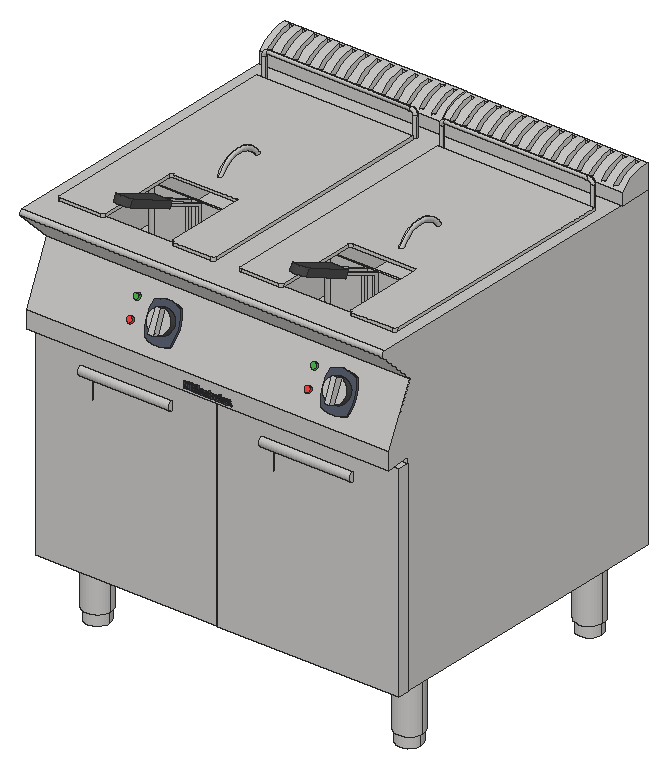
Revit family "QF_ELECTROLUXPROFESSIONAL_371141_E7FREH22FN", category Specialty Equipment, Revit 2018
Family settings
  Round Connector Dimension = Use Diameter
  Part Type = Normal
  Work Plane-Based = No
  Always vertical = Yes
  Cut with Voids When Loaded = No
  Shared = No
  Room Calculation Point = No
Parameters
  Width = 800 mm  # constant formula
  Weight in Pounds = 132  # constant formula
  Watts = 10800 VA  # 10800 W
  Volts = 230 V  # constant formula
  URL Cutsheet = "www.electrolux.com/foodservice"
  URL = "www.electrolux.com/foodservice"
  Type Mark [instance] = ""
  Status [instance] = ""
  Specification by User [instance] = ""
  Specification by Manufacturer = ""
  Show Logo [instance] = yes
  Show Clearance [instance] = yes
  Serial Number = ""
  Seismic Rating = ""
  SMACNA No = ""
  Revision Code [instance] = ""
  Phase = 3  # constant formula
  Omniclass Number and Title = ""
  Number of Poles [instance] = 1
  NAFEM Spec ID Number = ""
  Model = "371141"
  Min Ckt Ampacity = 0 A
  Max Overcurrent Protection = 0 A
  Masterspec = ""
  Manufacturer = "ELECTROLUX"
  Item Number [instance] = ""
  Installed By [instance] = ""
  Identify Quantity as Lot [instance] = yes
  Height = 333 mm  # constant formula
  HP = "14.5 HP"
  Furnished By [instance] = ""
  Foodservice Equipment Identifier [instance] = yes
  FL Amps = if(Phase = 3, Watts / (Volts * 1.73), Watts / Volts)  # 27.1425 A
  Electrical Remarks [instance] = "230 V/3 ph/50/60 Hz"  # constant formula
  Electric Connection Type [instance] = ""
  Elec Conn RI Height [instance] = 0 mm
  Elec Conn Connection Height [instance] = 0 mm
  Direct Waste Size = 0"
  Description = "700XP Two 7 Lt. Wells Freestanding Electric Fryer - 230V"
  Depth = 730 mm  # constant formula
  Cycle = if([60 Hertz Option], 60 Hz, 50 Hz)  # 60 Hz
  Conn Plug = ""
  Conn Conduit = yes
  CSI MasterFormat = ""
  CSI Master Format = ""
  Base Height [instance] = 150 mm  # constant formula
  Apparent Power = if(Phase = 3, Volts * FL Amps * 1.73, Volts * FL Amps)  # 10800 VA
  60 Hertz Option = not([50 Hertz Option])  # yes
  50 Hertz Option = no
Reference planes
  plane 1 "BACK": y = 0
  plane 2: z = 0
  plane 3 "LEFT": x = 0
  plane 4 "RIGHT": x = 800
  plane 5 "FRONT": y = -730
  plane 6 "TOP": z = 905.238
  plane 7 "Center Y": x = 400
  plane 8 "Center X": y = -365
  plane 9 "BASE": z = 601
  plane 10 "TOP A": z = 850.238
  plane 11: y = -597.884
  plane 12: y = -147.637
  plane 13: z = 942.313
  plane 14: z = 150
Forms (mm)
  Extrusion 1, solid, material "QF_Finishes_Stainless Steel"
    sketch origin (0, 0, 0) x (0, 1, 0) y (0, 0, 1)
      loop
        line (0, 850.237) -> (-725.027, 850.237)
        arc (-725.027, 850.237) -> (-730.893, 846.318) -> (-729.517, 839.397) r 6.35
        line (-729.517, 839.397) -> (-657.416, 767.047) -> (-713.522, 646.19) -> (-713.522, 608.09) -> (-660.4, 613.7) -> (-660.4, 150) -> (0, 150) -> (0, 850.237)
      loop
        line (-661.987, 601) -> (-687.387, 601) -> (-687.387, 150) -> (-661.987, 150) -> (-661.987, 601)
    from 0 to 800
  Extrusion 2, solid, material "QF_Finishes_Stainless Steel"
    sketch origin (0, 0, 0) x (0, 1, 0) y (0, 0, 1)
      loop
        line (0, 850.237) -> (0, 905.237)
        arc (0, 905.237) -> (-38.078, 897.879) -> (-69.85, 875.637) r 93.057
        line (-69.85, 875.637) -> (-69.85, 850.237) -> (0, 850.237)
    from 0 to 800
  Extrusion 3, void
    sketch origin (0, 0, 850.238) x (-1, 0, 0) y (0, -1, 0)
      loop
        line (-33.338, 147.762) -> (-33.338, 655.762) -> (-373.012, 655.762) -> (-373.012, 147.762) -> (-33.338, 147.762)
      loop
        line (-766.662, 655.762) -> (-766.662, 147.762) -> (-426.988, 147.762) -> (-426.988, 655.762) -> (-766.662, 655.762)
    from 0 to -152.4
  Extrusion 4, void
    sketch origin (0, 0, 850.238) x (-1, 0, 0) y (0, -1, 0)
      loop
        line (-13.453, 6.761) -> (-13.453, 63.911) -> (-22.749, 63.911) -> (-22.749, 6.761) -> (-13.453, 6.761)
    from 25.4 to 63.5
  Extrusion 5, solid, material "QF_Finishes_Navy Blue"
    sketch origin (75, -713.522, 646.19) x (0, 0.421077, 0.907025) y (-1, 0, 0)
      loop
        arc (101.077, -565.788) -> (66.2, -558.771) -> (31.333, -565.832) r 89.894
        arc (31.333, -565.832) -> (24.638, -594.363) -> (31.333, -622.893) r 64.14
        arc (31.333, -622.893) -> (66.2, -629.955) -> (101.077, -622.938) r 89.894
        arc (101.077, -622.938) -> (107.792, -594.363) -> (101.077, -565.788) r 64.16
      loop
        arc (101.077, -176.965) -> (66.2, -169.948) -> (31.333, -177.01) r 89.894
        arc (31.333, -177.01) -> (24.638, -205.54) -> (31.333, -234.071) r 64.14
        arc (31.333, -234.071) -> (66.2, -241.136) -> (101.077, -234.115) r 89.853
        arc (101.077, -234.115) -> (107.792, -205.54) -> (101.077, -176.965) r 64.16
    from 0 to 3.175
  Extrusion 6, solid, material "QF_Finishes_Stainless Steel"
    sketch origin (75, -716.402, 647.527) x (0, 0.421077, 0.907025) y (-1, 0, 0)
      loop
        circle (68.826, -594.351) r 25.4
      loop
        circle (68.826, -205.413) r 25.4
    from 0 to 12.7
  Extrusion 7, solid, material "QF_Finishes_Stainless Steel"
    sketch origin (75, -727.921, 652.875) x (0, 0.421077, 0.907025) y (-1, 0, 0)
      loop
        arc (93.558, -600.137) -> (94.226, -594.351) -> (93.558, -588.564) r 25.4
        line (93.558, -588.564) -> (44.094, -588.564)
        arc (44.094, -588.564) -> (43.426, -594.351) -> (44.094, -600.137) r 25.4
        line (44.094, -600.137) -> (93.558, -600.137)
      loop
        arc (93.558, -211.199) -> (94.226, -205.413) -> (93.558, -199.627) r 25.4
        line (93.558, -199.627) -> (44.094, -199.627)
        arc (44.094, -199.627) -> (43.426, -205.413) -> (44.094, -211.199) r 25.4
        line (44.094, -211.199) -> (93.558, -211.199)
    from 0 to 12.7
  Extrusion 8, solid, material "QF_Finishes_Green"
    sketch origin (75, -713.522, 646.19) x (0, 0.421077, 0.907025) y (-1, 0, 0)
      loop
        circle (93.566, -530.485) r 6.35
      loop
        circle (93.566, -138.473) r 6.35
    from 0 to 3.175
  Extrusion 9, solid, material "QF_Finishes_Red"
    sketch origin (75, -713.522, 646.19) x (0, 0.421077, 0.907025) y (-1, 0, 0)
      loop
        circle (50.809, -530.485) r 6.35
      loop
        circle (50.809, -138.473) r 6.35
    from 0 to 3.175
  Extrusion 10, solid, material "QF_Finishes_Clearance", visible <- "Show Clearance", detail levels coarse
    sketch origin (0, 0, 0) x (1, 0, 0) y (0, 1, 0)
      loop
        line (0, -731.377) -> (0, 0) -> (800, 0) -> (800, -731.377) -> (950.019, -731.377) -> (950.019, 150.019) -> (-150.019, 150.019) -> (-150.019, -731.377) -> (0, -731.377)
    from 0 to 905.237
  Extrusion 11, solid, material "QF_Finishes_Stainless Steel"
    sketch origin (-77.88, -4572, 850.238) x (-1, 0, 0) y (0, -1, 0)
      loop
        arc (-104.867, -3916.238) -> (-106.727, -3911.748) -> (-111.217, -3909.888) r 6.35
        line (-111.217, -3909.888) -> (-200.117, -3909.888)
        arc (-200.117, -3909.888) -> (-204.607, -3911.748) -> (-206.467, -3916.238) r 6.35
        line (-206.467, -3916.238) -> (-206.467, -4090.988)
        arc (-206.467, -4090.988) -> (-208.327, -4095.479) -> (-212.817, -4097.338) r 6.35
        line (-212.817, -4097.338) -> (-349.292, -4097.338)
        arc (-349.292, -4097.338) -> (-353.782, -4095.479) -> (-355.642, -4090.988) r 6.35
        line (-355.642, -4090.988) -> (-355.642, -3916.238)
        arc (-355.642, -3916.238) -> (-357.502, -3911.748) -> (-361.992, -3909.888) r 6.35
        line (-361.992, -3909.888) -> (-444.542, -3909.888)
        arc (-444.542, -3909.888) -> (-449.032, -3911.748) -> (-450.892, -3916.238) r 6.35
        line (-450.892, -3916.238) -> (-450.892, -4459.163) -> (-104.867, -4459.163) -> (-104.867, -3916.238)
      loop
        line (-850.892, -3916.238) -> (-850.892, -4459.163) -> (-504.867, -4459.163) -> (-504.867, -3916.238)
        arc (-504.867, -3916.238) -> (-506.727, -3911.748) -> (-511.217, -3909.888) r 6.35
        line (-511.217, -3909.888) -> (-593.767, -3909.888)
        arc (-593.767, -3909.888) -> (-598.257, -3911.748) -> (-600.117, -3916.238) r 6.35
        line (-600.117, -3916.238) -> (-600.117, -4090.988)
        arc (-600.117, -4090.988) -> (-601.977, -4095.479) -> (-606.467, -4097.338) r 6.35
        line (-606.467, -4097.338) -> (-742.942, -4097.338)
        arc (-742.942, -4097.338) -> (-747.432, -4095.479) -> (-749.292, -4090.988) r 6.35
        line (-749.292, -4090.988) -> (-749.292, -3916.238)
        arc (-749.292, -3916.238) -> (-751.152, -3911.748) -> (-755.642, -3909.888) r 6.35
        line (-755.642, -3909.888) -> (-844.542, -3909.888)
        arc (-844.542, -3909.888) -> (-849.032, -3911.748) -> (-850.892, -3916.238) r 6.35
    from 0 to 6.35
  Sweep 12, solid, material "QF_Finishes_Stainless Steel"
    path origin (0, 36.513, 0) x (1, 0, 0) y (0, 0, 1)
      loop
        line (39.688, 850.238) -> (39.688, 895.713)
        arc (39.688, 895.713) -> (41.547, 900.203) -> (46.038, 902.063) r 6.35
        line (46.038, 902.063) -> (362.669, 902.063)
        arc (362.669, 902.063) -> (367.16, 900.203) -> (369.019, 895.713) r 6.35
        line (369.019, 895.713) -> (369.019, 850.237)
    profile origin (39.688, 36.513, 872.975) x (-1, 0, 0) y (0, -1, 0)
      loop
        circle (2.09, 140.754) r 3.827
  Extrusion 13, solid, material "QF_Finishes_Black"
    sketch origin (271.462, -708.83, 942.26) x (0, 0.906308, -0.422618) y (-1, 0, 0)
      loop
        line (10.103, 47.37) -> (128.716, 47.37) -> (128.716, 84.605) -> (10.103, 84.605)
        arc (10.103, 84.605) -> (-0.124, 65.987) -> (10.103, 47.37) r 22.059
    from -15.884 to 0
  Extrusion 14, solid, material "QF_Finishes_Stainless Steel"
    sketch origin (271.463, 41.275, 0) x (0, 1, 0) y (0, 0, 1)
      loop
        line (-547.91, 741.238) -> (-547.91, 842.715) -> (-635.463, 883.542) -> (-638.147, 877.787) -> (-554.26, 838.67) -> (-554.26, 741.238) -> (-547.91, 741.238)
    from -80.476 to -74.619
  Extrusion 15, solid, material "QF_Finishes_Stainless Steel"
    sketch origin (139.588, 41.275, 0) x (0, 1, 0) y (0, 0, -1)
      loop
        line (-554.26, -838.67) -> (-638.147, -877.787) -> (-635.463, -883.542) -> (-547.91, -842.715) -> (-547.91, -741.238) -> (-554.26, -741.238) -> (-554.26, -838.67)
    from -80.476 to -74.619
  Sweep 16, solid, material "QF_Finishes_Stainless Steel"
    path origin (200.025, -0.124, 0) x (0, 1, 0) y (0, 0, 1)
      loop
        arc (-323.261, 850.238) -> (-377.7, 884.016) -> (-432.139, 850.238) r 60.757
    profile origin (200.025, -377.824, 884.016) x (0, 0, -1) y (1, 0, 0)
      loop
        circle (0, 0) r 4.353
  Sweep 17, solid, material "QF_Finishes_Stainless Steel"
    path origin (600.075, -0.124, 0) x (0, 1, 0) y (0, 0, -1)
      loop
        arc (-323.261, -850.238) -> (-377.7, -884.016) -> (-432.139, -850.238) r 60.757
    profile origin (600.075, -377.824, 884.016) x (0, 0, 1) y (-1, 0, 0)
      loop
        circle (0, 0) r 4.353
  Extrusion 18, solid, material "QF_Finishes_Black"
    sketch origin (528.637, -708.83, 942.26) x (0, 0.906308, -0.422618) y (-1, 0, 0)
      loop
        arc (10.103, -47.27) -> (-0.124, -65.887) -> (10.103, -84.505) r 22.059
        line (10.103, -84.505) -> (128.716, -84.505) -> (128.716, -47.27) -> (10.103, -47.27)
    from -15.884 to 0
  Extrusion 19, solid, material "QF_Finishes_Mesh"
    sketch origin (0, 0, 850.238) x (-1, 0, 0) y (0, -1, 0)
      loop
        arc (-116.625, 189.135) -> (-98.665, 196.575) -> (-91.225, 214.535) r 25.4
        line (-91.225, 214.535) -> (-91.225, 481.11)
        arc (-91.225, 481.11) -> (-98.665, 499.071) -> (-116.625, 506.51) r 25.4
        line (-116.625, 506.51) -> (-294.375, 506.51)
        arc (-294.375, 506.51) -> (-312.336, 499.071) -> (-319.775, 481.11) r 25.4
        line (-319.775, 481.11) -> (-319.775, 214.535)
        arc (-319.775, 214.535) -> (-312.336, 196.575) -> (-294.375, 189.135) r 25.4
        line (-294.375, 189.135) -> (-116.625, 189.135)
      loop
        arc (-116.625, 192.31) -> (-100.91, 198.82) -> (-94.4, 214.535) r 22.225
        line (-94.4, 214.535) -> (-94.4, 481.11)
        arc (-94.4, 481.11) -> (-100.91, 496.826) -> (-116.625, 503.335) r 22.225
        line (-116.625, 503.335) -> (-294.375, 503.335)
        arc (-294.375, 503.335) -> (-310.091, 496.826) -> (-316.6, 481.11) r 22.225
        line (-316.6, 481.11) -> (-316.6, 214.535)
        arc (-316.6, 214.535) -> (-310.091, 198.82) -> (-294.375, 192.31) r 22.225
        line (-294.375, 192.31) -> (-116.625, 192.31)
      loop
        line (-683.375, 189.135) -> (-505.625, 189.135)
        arc (-505.625, 189.135) -> (-487.664, 196.575) -> (-480.225, 214.535) r 25.4
        line (-480.225, 214.535) -> (-480.225, 481.11)
        arc (-480.225, 481.11) -> (-487.664, 499.071) -> (-505.625, 506.51) r 25.4
        line (-505.625, 506.51) -> (-683.375, 506.51)
        arc (-683.375, 506.51) -> (-701.335, 499.071) -> (-708.775, 481.11) r 25.4
        line (-708.775, 481.11) -> (-708.775, 214.535)
        arc (-708.775, 214.535) -> (-701.335, 196.575) -> (-683.375, 189.135) r 25.4
      loop
        line (-683.375, 192.31) -> (-505.625, 192.31)
        arc (-505.625, 192.31) -> (-489.909, 198.82) -> (-483.4, 214.535) r 22.225
        line (-483.4, 214.535) -> (-483.4, 481.11)
        arc (-483.4, 481.11) -> (-489.909, 496.826) -> (-505.625, 503.335) r 22.225
        line (-505.625, 503.335) -> (-683.375, 503.335)
        arc (-683.375, 503.335) -> (-699.09, 496.826) -> (-705.6, 481.11) r 22.225
        line (-705.6, 481.11) -> (-705.6, 214.535)
        arc (-705.6, 214.535) -> (-699.09, 198.82) -> (-683.375, 192.31) r 22.225
    from -109 to -5.315
  Extrusion 20, solid, material "QF_Finishes_Stainless Steel"
    sketch origin (528.637, 41.275, 0) x (0, 1, 0) y (0, 0, -1)
      loop
        line (-547.91, -741.238) -> (-554.26, -741.238) -> (-554.26, -838.67) -> (-638.147, -877.787) -> (-635.463, -883.542) -> (-547.91, -842.715) -> (-547.91, -741.238)
    from -80.476 to -74.619
  Extrusion 21, solid, material "QF_Finishes_Stainless Steel"
    sketch origin (660.512, 41.275, 0) x (0, 1, 0) y (0, 0, 1)
      loop
        line (-554.26, 838.67) -> (-554.26, 741.238) -> (-547.91, 741.238) -> (-547.91, 842.715) -> (-635.463, 883.542) -> (-638.147, 877.787) -> (-554.26, 838.67)
    from -80.476 to -74.619
  Sweep 22, solid, material "QF_Finishes_Stainless Steel"
    path origin (800.1, 36.513, 0) x (-1, 0, 0) y (0, 0, -1)
      loop
        line (39.788, -850.238) -> (39.788, -895.713)
        arc (39.788, -895.713) -> (41.647, -900.203) -> (46.138, -902.063) r 6.35
        line (46.138, -902.063) -> (362.769, -902.063)
        arc (362.769, -902.063) -> (367.26, -900.203) -> (369.119, -895.713) r 6.35
        line (369.119, -895.713) -> (369.119, -850.237)
    profile origin (760.312, 36.513, 872.975) x (-1, 0, 0) y (0, -1, 0)
      loop
        circle (-2.09, 140.754) r 3.827
  Extrusion 23, void
    sketch origin (361.95, 0, 850.237) x (-1, 0, 0) y (0, -1, 0)
      loop
        line (-13.403, 6.761) -> (-13.403, 63.911) -> (-22.699, 63.911) -> (-22.699, 6.761) -> (-13.403, 6.761)
    from 25.4 to 63.5
  Extrusion 24, void
    sketch origin (27.842, 0, 850.238) x (-1, 0, 0) y (0, -1, 0)
      loop
        line (-13.453, 6.761) -> (-13.453, 63.911) -> (-22.749, 63.911) -> (-22.749, 6.761) -> (-13.453, 6.761)
    from 25.4 to 63.5
  Extrusion 25, void
    sketch origin (55.685, 0, 850.238) x (-1, 0, 0) y (0, -1, 0)
      loop
        line (-13.453, 6.761) -> (-13.453, 63.911) -> (-22.749, 63.911) -> (-22.749, 6.761) -> (-13.453, 6.761)
    from 25.4 to 63.5
  Extrusion 26, void
    sketch origin (83.527, 0, 850.238) x (-1, 0, 0) y (0, -1, 0)
      loop
        line (-13.453, 6.761) -> (-13.453, 63.911) -> (-22.749, 63.911) -> (-22.749, 6.761) -> (-13.453, 6.761)
    from 25.4 to 63.5
  Extrusion 27, void
    sketch origin (111.369, 0, 850.237) x (-1, 0, 0) y (0, -1, 0)
      loop
        line (-13.453, 6.761) -> (-13.453, 63.911) -> (-22.749, 63.911) -> (-22.749, 6.761) -> (-13.453, 6.761)
    from 25.4 to 63.5
  Extrusion 28, void
    sketch origin (139.212, 0, 850.237) x (-1, 0, 0) y (0, -1, 0)
      loop
        line (-13.453, 6.761) -> (-13.453, 63.911) -> (-22.749, 63.911) -> (-22.749, 6.761) -> (-13.453, 6.761)
    from 25.4 to 63.5
  Extrusion 29, void
    sketch origin (167.054, 0, 850.237) x (-1, 0, 0) y (0, -1, 0)
      loop
        line (-13.453, 6.761) -> (-13.453, 63.911) -> (-22.749, 63.911) -> (-22.749, 6.761) -> (-13.453, 6.761)
    from 25.4 to 63.5
  Extrusion 30, void
    sketch origin (194.896, 0, 850.237) x (-1, 0, 0) y (0, -1, 0)
      loop
        line (-13.403, 6.761) -> (-13.403, 63.911) -> (-22.699, 63.911) -> (-22.699, 6.761) -> (-13.403, 6.761)
    from 25.4 to 63.5
  Extrusion 31, void
    sketch origin (222.738, 0, 850.237) x (-1, 0, 0) y (0, -1, 0)
      loop
        line (-13.403, 6.761) -> (-13.403, 63.911) -> (-22.699, 63.911) -> (-22.699, 6.761) -> (-13.403, 6.761)
    from 25.4 to 63.5
  Extrusion 32, void
    sketch origin (250.581, 0, 850.237) x (-1, 0, 0) y (0, -1, 0)
      loop
        line (-13.403, 6.761) -> (-13.403, 63.911) -> (-22.699, 63.911) -> (-22.699, 6.761) -> (-13.403, 6.761)
    from 25.4 to 63.5
  Extrusion 33, void
    sketch origin (278.423, 0, 850.237) x (-1, 0, 0) y (0, -1, 0)
      loop
        line (-13.403, 6.761) -> (-13.403, 63.911) -> (-22.699, 63.911) -> (-22.699, 6.761) -> (-13.403, 6.761)
    from 25.4 to 63.5
  Extrusion 34, void
    sketch origin (306.265, 0, 850.237) x (-1, 0, 0) y (0, -1, 0)
      loop
        line (-13.403, 6.761) -> (-13.403, 63.911) -> (-22.699, 63.911) -> (-22.699, 6.761) -> (-13.403, 6.761)
    from 25.4 to 63.5
  Extrusion 35, void
    sketch origin (334.108, 0, 850.237) x (-1, 0, 0) y (0, -1, 0)
      loop
        line (-13.403, 6.761) -> (-13.403, 63.911) -> (-22.699, 63.911) -> (-22.699, 6.761) -> (-13.403, 6.761)
    from 25.4 to 63.5
  Extrusion 36, void
    sketch origin (800.1, 0, 850.237) x (1, 0, 0) y (0, 1, 0)
      loop
        line (-13.553, -6.761) -> (-22.849, -6.761) -> (-22.849, -63.911) -> (-13.553, -63.911) -> (-13.553, -6.761)
    from 25.4 to 63.5
  Extrusion 37, void
    sketch origin (438.15, 0, 850.237) x (1, 0, 0) y (0, 1, 0)
      loop
        line (-13.503, -6.761) -> (-22.799, -6.761) -> (-22.799, -63.911) -> (-13.503, -63.911) -> (-13.503, -6.761)
    from 25.4 to 63.5
  Extrusion 38, void
    sketch origin (772.258, 0, 850.237) x (1, 0, 0) y (0, 1, 0)
      loop
        line (-13.553, -6.761) -> (-22.849, -6.761) -> (-22.849, -63.911) -> (-13.553, -63.911) -> (-13.553, -6.761)
    from 25.4 to 63.5
  Extrusion 39, void
    sketch origin (744.415, 0, 850.237) x (1, 0, 0) y (0, 1, 0)
      loop
        line (-13.553, -6.761) -> (-22.849, -6.761) -> (-22.849, -63.911) -> (-13.553, -63.911) -> (-13.553, -6.761)
    from 25.4 to 63.5
  Extrusion 40, void
    sketch origin (716.573, 0, 850.237) x (1, 0, 0) y (0, 1, 0)
      loop
        line (-13.553, -6.761) -> (-22.849, -6.761) -> (-22.849, -63.911) -> (-13.553, -63.911) -> (-13.553, -6.761)
    from 25.4 to 63.5
  Extrusion 41, void
    sketch origin (688.731, 0, 850.237) x (1, 0, 0) y (0, 1, 0)
      loop
        line (-13.553, -6.761) -> (-22.849, -6.761) -> (-22.849, -63.911) -> (-13.553, -63.911) -> (-13.553, -6.761)
    from 25.4 to 63.5
  Extrusion 42, void
    sketch origin (660.888, 0, 850.237) x (1, 0, 0) y (0, 1, 0)
      loop
        line (-13.553, -6.761) -> (-22.849, -6.761) -> (-22.849, -63.911) -> (-13.553, -63.911) -> (-13.553, -6.761)
    from 25.4 to 63.5
  Extrusion 43, void
    sketch origin (633.046, 0, 850.237) x (1, 0, 0) y (0, 1, 0)
      loop
        line (-13.553, -6.761) -> (-22.849, -6.761) -> (-22.849, -63.911) -> (-13.553, -63.911) -> (-13.553, -6.761)
    from 25.4 to 63.5
  Extrusion 44, void
    sketch origin (605.204, 0, 850.237) x (1, 0, 0) y (0, 1, 0)
      loop
        line (-13.503, -6.761) -> (-22.799, -6.761) -> (-22.799, -63.911) -> (-13.503, -63.911) -> (-13.503, -6.761)
    from 25.4 to 63.5
  Extrusion 45, void
    sketch origin (577.362, 0, 850.237) x (1, 0, 0) y (0, 1, 0)
      loop
        line (-13.503, -6.761) -> (-22.799, -6.761) -> (-22.799, -63.911) -> (-13.503, -63.911) -> (-13.503, -6.761)
    from 25.4 to 63.5
  Extrusion 46, void
    sketch origin (549.519, 0, 850.237) x (1, 0, 0) y (0, 1, 0)
      loop
        line (-13.503, -6.761) -> (-22.799, -6.761) -> (-22.799, -63.911) -> (-13.503, -63.911) -> (-13.503, -6.761)
    from 25.4 to 63.5
  Extrusion 47, void
    sketch origin (521.677, 0, 850.237) x (1, 0, 0) y (0, 1, 0)
      loop
        line (-13.503, -6.761) -> (-22.799, -6.761) -> (-22.799, -63.911) -> (-13.503, -63.911) -> (-13.503, -6.761)
    from 25.4 to 63.5
  Extrusion 48, void
    sketch origin (493.835, 0, 850.237) x (1, 0, 0) y (0, 1, 0)
      loop
        line (-13.503, -6.761) -> (-22.799, -6.761) -> (-22.799, -63.911) -> (-13.503, -63.911) -> (-13.503, -6.761)
    from 25.4 to 63.5
  Extrusion 49, void
    sketch origin (465.992, 0, 850.237) x (1, 0, 0) y (0, 1, 0)
      loop
        line (-13.503, -6.761) -> (-22.799, -6.761) -> (-22.799, -63.911) -> (-13.503, -63.911) -> (-13.503, -6.761)
    from 25.4 to 63.5
  Extrusion 50, void
    sketch origin (418.151, 0, 850.237) x (1, 0, 0) y (0, 1, 0)
      loop
        line (-16.563, 0) -> (-19.738, 0) -> (-19.738, -69.85) -> (-16.563, -69.85) -> (-16.563, 0)
    from 25.4 to 63.5
  Extrusion 51, void
    sketch origin (0, -660.4, 601) x (0, 0, 1) y (-1, 0, 0)
      loop
        line (0, -398.363) -> (-451, -398.363) -> (-451, -401.538) -> (0, -401.538) -> (0, -398.363)
    from 0 to 27
  Extrusion 52, void
    sketch origin (200.025, 0, 0) x (0, 1, 0) y (0, 0, 1)
      loop
        line (-687.137, 541) -> (-687.137, 499.788) -> (-672.137, 541) -> (-687.137, 541)
    from -75 to 75
  Extrusion 53, solid, material "QF_Finishes_Stainless Steel"
    sketch origin (200.025, 0, 0) x (0, 1, 0) y (0, 0, 1)
      loop
        line (-687.137, 541) -> (-687.137, 561)
        arc (-687.137, 561) -> (-697.137, 551) -> (-687.137, 541) r 10
    from -100 to 100
  Extrusion 54, void
    sketch origin (600.075, 0, 0) x (0, 1, 0) y (0, 0, -1)
      loop
        line (-687.137, -541) -> (-672.137, -541) -> (-687.137, -499.788) -> (-687.137, -541)
    from -75 to 75
  Extrusion 55, solid, material "QF_Finishes_Stainless Steel"
    sketch origin (600.075, 0, 0) x (0, 1, 0) y (0, 0, -1)
      loop
        arc (-687.137, -541) -> (-697.137, -551) -> (-687.137, -561) r 10
        line (-687.137, -561) -> (-687.137, -541)
    from -100 to 100
  Revolve 56, solid, material "QF_Finishes_Stainless Steel"
    sketch origin (0, -587.387, 608.09) x (0, 0, 1) y (-1, 0, 0)
      loop
        line (-608.09, -56) -> (-458.09, -56) -> (-458.09, -26) -> (-583.09, -26) -> (-583.09, -29.75) -> (-608.09, -29.75) -> (-608.09, -56)
      axis (-608.09, -56) -> (-458.09, -56)
    angle from 0 to 360
  Revolve 57, solid, material "QF_Finishes_Stainless Steel"
    sketch origin (0, -90, 608.09) x (0, 0, 1) y (-1, 0, 0)
      loop
        line (-608.09, -56) -> (-458.09, -56) -> (-458.09, -26) -> (-583.09, -26) -> (-583.09, -29.75) -> (-608.09, -29.75) -> (-608.09, -56)
      axis (-608.09, -56) -> (-458.09, -56)
    angle from 0 to 360
  Revolve 58, solid, material "QF_Finishes_Stainless Steel"
    sketch origin (800.1, -587.387, 608.09) x (0, 0, 1) y (-1, 0, 0)
      loop
        line (-608.09, 56.1) -> (-608.09, 29.85) -> (-583.09, 29.85) -> (-583.09, 26.1) -> (-458.09, 26.1) -> (-458.09, 56.1) -> (-608.09, 56.1)
      axis (-608.09, 56.1) -> (-458.09, 56.1)
    angle from 0 to 360
  Revolve 59, solid, material "QF_Finishes_Stainless Steel"
    sketch origin (800.1, -90, 608.09) x (0, 0, 1) y (-1, 0, 0)
      loop
        line (-608.09, 56.1) -> (-608.09, 29.85) -> (-583.09, 29.85) -> (-583.09, 26.1) -> (-458.09, 26.1) -> (-458.09, 56.1) -> (-608.09, 56.1)
      axis (-608.09, 56.1) -> (-458.09, 56.1)
    angle from 0 to 360
  Extrusion 60, solid, material "QF_Finishes_Door Clearance", visible <- "Show Clearance", detail levels coarse
    sketch origin (0, 0, 850.238) x (-1, 0, 0) y (0, -1, 0)
      loop
        arc (-401.587, 687.137) -> (-518.28, 968.858) -> (-800, 1085.55) r 398.413
        line (-800, 1085.55) -> (-800, 687.137) -> (-401.587, 687.137)
      loop
        line (-398.412, 687.138) -> (0, 687.137) -> (0, 1085.55)
        arc (0, 1085.55) -> (-281.72, 968.858) -> (-398.412, 687.138) r 398.412
    from -700.237 to -249.237
  Extrusion 61, solid, material "QF_Finishes_Stainless Steel"
    sketch origin (-77.88, -4572, 601) x (-1, 0, 0) y (0, -1, 0)
      loop
        circle (-821.88, -4067) r 12.7
    from 0 to -12.7
  Extrusion 62, solid, material "QF_Finishes_Navy Blue", visible <- "Show Logo"
    sketch origin (60.791, -713.772, 608.09) x (0, 0, 1) y (-1, 0, 0)
      loop
        line (20.674, -296.698) -> (8.307, -296.698)
        arc (8.307, -296.698) -> (14.491, -301.27) -> (20.674, -296.698) r 6.467
      loop
        arc (20.674, -296.069) -> (19.505, -290.926) -> (14.849, -288.448) r 6.338
        line (14.849, -288.448) -> (14.849, -290.494)
        arc (14.849, -290.494) -> (16.333, -294.149) -> (19.778, -296.069) r 5.941
        line (19.778, -296.069) -> (20.674, -296.069)
      loop
        arc (9.203, -296.069) -> (12.648, -294.149) -> (14.132, -290.494) r 5.941
        line (14.132, -290.494) -> (14.132, -288.448)
        arc (14.132, -288.448) -> (9.438, -290.922) -> (8.148, -296.069) r 6.504
        line (8.148, -296.069) -> (9.203, -296.069)
      loop
        line (21.349, -287.979) -> (7.604, -287.979) -> (7.604, -301.742) -> (21.349, -301.742) -> (21.349, -287.979)
      loop
        arc (21.432, -304.71) -> (21.085, -304.352) -> (20.718, -304.69) r 0.358
        arc (20.718, -304.69) -> (20.404, -305.44) -> (19.687, -305.825) r 1.216
        line (19.687, -305.825) -> (9.274, -305.825)
        arc (9.274, -305.825) -> (8.614, -305.548) -> (8.218, -304.951) r 1.238
        arc (8.218, -304.951) -> (7.823, -304.7) -> (7.518, -305.054) r 0.358
        line (7.518, -305.054) -> (7.518, -314.933) -> (10.269, -314.933) -> (10.269, -314.036)
        arc (10.269, -314.036) -> (9.36, -313.456) -> (8.904, -312.479) r 1.928
        line (8.904, -312.479) -> (8.904, -309.98)
        arc (8.904, -309.98) -> (9.18, -309.251) -> (9.868, -308.887) r 1.101
        line (9.868, -308.887) -> (13.955, -308.887) -> (13.955, -312.561)
        arc (13.955, -312.561) -> (13.602, -313.058) -> (13.037, -313.286) r 1.083
        arc (13.037, -313.286) -> (12.773, -313.591) -> (13.065, -313.869) r 0.292
        line (13.065, -313.869) -> (16.028, -313.869)
        arc (16.028, -313.869) -> (16.33, -313.596) -> (16.092, -313.266) r 0.305
        arc (16.092, -313.266) -> (15.601, -313.018) -> (15.296, -312.561) r 1.083
        line (15.296, -312.561) -> (15.296, -308.887) -> (19.973, -308.887) -> (19.973, -312.635)
        arc (19.973, -312.635) -> (19.759, -313.39) -> (19.153, -313.888) r 1.314
        arc (19.153, -313.888) -> (18.934, -314.292) -> (19.288, -314.585) r 0.361
        line (19.288, -314.585) -> (21.432, -314.585) -> (21.432, -304.71)
      loop
        arc (20.715, -315.365) -> (20.335, -316.284) -> (19.416, -316.664) r 1.299
        line (19.416, -316.664) -> (9.837, -316.664)
        arc (9.837, -316.664) -> (8.999, -316.286) -> (8.728, -315.408) r 1.118
        line (8.728, -315.408) -> (7.518, -315.408) -> (7.518, -320.758) -> (8.706, -320.758)
        arc (8.706, -320.758) -> (8.978, -319.841) -> (9.848, -319.445) r 1.153
        line (9.848, -319.445) -> (21.92, -319.445) -> (20.715, -315.365)
      loop
        line (12.483, -323.394) -> (12.483, -329.842) -> (13.282, -329.842)
        arc (13.282, -329.842) -> (15.862, -328.857) -> (17.131, -326.404) r 3.874
        line (17.131, -326.404) -> (17.131, -324.643)
        arc (17.131, -324.643) -> (15.944, -321.778) -> (13.08, -320.592) r 4.051
        line (13.08, -320.592) -> (11.072, -320.592)
        arc (11.072, -320.592) -> (8.253, -322.077) -> (7.202, -325.084) r 4.352
        arc (7.202, -325.084) -> (7.566, -327.547) -> (8.943, -329.621) r 5.713
        line (8.943, -329.621) -> (9.892, -329.621)
        arc (9.892, -329.621) -> (9.16, -328.052) -> (8.943, -326.334) r 5.579
        arc (8.943, -326.334) -> (9.737, -324.371) -> (11.616, -323.394) r 3.057
        line (11.616, -323.394) -> (12.483, -323.394)
      loop
        line (13.742, -323.394) -> (13.742, -326.977)
        arc (13.742, -326.977) -> (15.199, -327.024) -> (16.082, -325.864) r 1.59
        line (16.082, -325.864) -> (16.082, -325.034)
        arc (16.082, -325.034) -> (15.217, -323.779) -> (13.742, -323.394) r 2.184
      loop
        arc (16.533, -339.259) -> (17.022, -337.585) -> (17.179, -335.848) r 9.023
        line (17.179, -335.848) -> (17.179, -334.486)
        arc (17.179, -334.486) -> (16.02, -331.686) -> (13.22, -330.527) r 3.959
        line (13.22, -330.527) -> (10.62, -330.527)
        arc (10.62, -330.527) -> (8.338, -331.819) -> (7.221, -334.192) r 4.331
        line (7.221, -334.192) -> (7.221, -336.327)
        arc (7.221, -336.327) -> (7.729, -337.877) -> (8.651, -339.223) r 5.772
        arc (8.651, -339.223) -> (9.412, -339.274) -> (9.499, -338.515) r 0.553
        arc (9.499, -338.515) -> (9.111, -337.781) -> (8.977, -336.962) r 2.573
        line (8.977, -336.962) -> (8.977, -335.447)
        arc (8.977, -335.447) -> (9.983, -333.806) -> (11.798, -333.163) r 2.884
        line (11.798, -333.163) -> (13.077, -333.163)
        arc (13.077, -333.163) -> (14.898, -333.723) -> (15.824, -335.388) r 2.554
        line (15.824, -335.388) -> (15.824, -336.441)
        arc (15.824, -336.441) -> (15.493, -337.369) -> (14.836, -338.104) r 2.564
        arc (14.836, -338.104) -> (14.614, -338.821) -> (15.223, -339.259) r 0.643
        line (15.223, -339.259) -> (16.533, -339.259)
      loop
        line (15.515, -339.53) -> (15.515, -341.031) -> (9.467, -341.031)
        arc (9.467, -341.031) -> (7.879, -341.688) -> (7.221, -343.276) r 2.246
        line (7.221, -343.276) -> (7.221, -344.86)
        arc (7.221, -344.86) -> (7.535, -345.725) -> (8.035, -346.496) r 4.06
        arc (8.035, -346.496) -> (8.768, -346.629) -> (9.019, -345.928) r 0.576
        arc (9.019, -345.928) -> (8.913, -345.403) -> (8.977, -344.87) r 1.69
        arc (8.977, -344.87) -> (9.519, -344.082) -> (10.425, -343.779) r 1.506
        line (10.425, -343.779) -> (15.563, -343.779) -> (15.563, -346.176) -> (16.119, -346.733) -> (16.941, -346.733) -> (16.941, -343.873) -> (20.172, -343.873) -> (15.515, -339.53)
      loop
        line (7.438, -347.63) -> (7.438, -353.017) -> (8.548, -353.017)
        arc (8.548, -353.017) -> (8.942, -352.066) -> (9.893, -351.672) r 1.345
        line (9.893, -351.672) -> (13.509, -351.672)
        arc (13.509, -351.672) -> (14.274, -352.264) -> (14.564, -353.186) r 1.615
        line (14.564, -353.186) -> (14.564, -354.742) -> (17.119, -355.427) -> (17.119, -354.044) -> (15.177, -351.485) -> (17.057, -351.485) -> (16.773, -348.779)
        arc (16.773, -348.779) -> (16.333, -348.249) -> (15.674, -348.45) r 0.621
        arc (15.674, -348.45) -> (15.274, -348.792) -> (14.78, -348.975) r 1.501
        line (14.78, -348.975) -> (9.893, -348.975)
        arc (9.893, -348.975) -> (8.942, -348.581) -> (8.548, -347.63) r 1.345
        line (8.548, -347.63) -> (7.438, -347.63)
      loop
        line (13.54, -354.964) -> (10.848, -354.964)
        arc (10.848, -354.964) -> (8.403, -356.272) -> (7.269, -358.803) r 4.288
        arc (7.269, -358.803) -> (7.205, -360.183) -> (7.269, -361.563) r 15.022
        arc (7.269, -361.563) -> (8.403, -364.094) -> (10.848, -365.401) r 4.288
        line (10.848, -365.401) -> (13.54, -365.401)
        arc (13.54, -365.401) -> (15.986, -364.094) -> (17.119, -361.563) r 4.288
        arc (17.119, -361.563) -> (17.183, -360.183) -> (17.119, -358.803) r 15.022
        arc (17.119, -358.803) -> (15.986, -356.272) -> (13.54, -354.964) r 4.288
      loop
        line (13.745, -358.078) -> (10.643, -358.078)
        arc (10.643, -358.078) -> (8.486, -360.235) -> (10.643, -362.392) r 2.157
        line (10.643, -362.392) -> (13.745, -362.392)
        arc (13.745, -362.392) -> (15.902, -360.235) -> (13.745, -358.078) r 2.157
      loop
        arc (20.726, -365.26) -> (20.355, -366.154) -> (19.461, -366.524) r 1.264
        line (19.461, -366.524) -> (9.597, -366.524)
        arc (9.597, -366.524) -> (8.727, -366.127) -> (8.455, -365.211) r 1.153
        line (8.455, -365.211) -> (7.518, -365.211) -> (7.518, -370.319) -> (8.446, -370.319)
        arc (8.446, -370.319) -> (8.805, -369.547) -> (9.597, -369.232) r 1.153
        line (9.597, -369.232) -> (21.92, -369.232) -> (20.726, -365.26)
      loop
        arc (15.846, -369.857) -> (15.647, -370.921) -> (14.678, -371.403) r 1.215
        line (14.678, -371.403) -> (9.658, -371.403)
        arc (9.658, -371.403) -> (8.043, -372.051) -> (7.322, -373.634) r 2.338
        line (7.322, -373.634) -> (7.322, -375.148)
        arc (7.322, -375.148) -> (7.497, -376.152) -> (7.999, -377.038) r 2.979
        line (7.999, -377.038) -> (7.518, -378.835) -> (7.518, -380.524) -> (16.943, -380.524) -> (16.649, -376.32) -> (15.863, -376.32)
        arc (15.863, -376.32) -> (15.507, -377.156) -> (14.755, -377.665) r 1.605
        line (14.755, -377.665) -> (9.652, -377.665)
        arc (9.652, -377.665) -> (9.232, -376.728) -> (9.159, -375.704) r 2.94
        arc (9.159, -375.704) -> (9.72, -374.603) -> (10.873, -374.16) r 1.724
        line (10.873, -374.16) -> (17.07, -374.16) -> (15.846, -369.857)
      loop
        line (16.874, -381.377) -> (15.202, -383.423) -> (12.028, -385.729) -> (8.572, -382.617)
        arc (8.572, -382.617) -> (8.335, -382.223) -> (8.357, -381.764) r 0.789
        line (8.357, -381.764) -> (7.518, -381.764) -> (7.518, -385.309) -> (8.344, -385.309)
        arc (8.344, -385.309) -> (8.686, -384.947) -> (9.176, -385.039) r 0.52
        line (9.176, -385.039) -> (10.976, -386.51) -> (8.858, -387.886)
        arc (8.858, -387.886) -> (8.457, -387.576) -> (8.37, -387.076) r 0.7
        line (8.37, -387.076) -> (7.518, -387.076) -> (7.518, -393.003) -> (8.405, -393.003)
        arc (8.405, -393.003) -> (8.472, -392.344) -> (8.866, -391.813) r 1.247
        line (8.866, -391.813) -> (13.066, -388.532) -> (15.513, -390.585) -> (16.874, -392.327) -> (16.874, -388.604) -> (15.389, -389.026) -> (13.868, -387.749) -> (15.568, -386.559) -> (16.874, -387.336) -> (16.874, -381.377)
    from 0 to 1.644
Cuts and joins
  Extrusion 3, Extrusion 4, Extrusion 51, Extrusion 52, Extrusion 54 cuts Extrusion 1
  Extrusion 4, Extrusion 23, Extrusion 24, Extrusion 25, Extrusion 26, Extrusion 27, Extrusion 28, Extrusion 29, Extrusion 30, Extrusion 31, Extrusion 32, Extrusion 33, Extrusion 34, Extrusion 35, Extrusion 36, Extrusion 37, Extrusion 38, Extrusion 39, Extrusion 40, Extrusion 41, Extrusion 42, Extrusion 43, Extrusion 44, Extrusion 45, Extrusion 46, Extrusion 47, Extrusion 48, Extrusion 49, Extrusion 50 cuts Extrusion 2
  joined: Extrusion 6, Extrusion 7
  joined: Extrusion 11, Sweep 16, Sweep 17
  Extrusion 23, Extrusion 24, Extrusion 25, Extrusion 26, Extrusion 27, Extrusion 28, Extrusion 29, Extrusion 30, Extrusion 31, Extrusion 32, Extrusion 33, Extrusion 34, Extrusion 35, Extrusion 36, Extrusion 37, Extrusion 38, Extrusion 39, Extrusion 40, Extrusion 41, Extrusion 42, Extrusion 43, Extrusion 44, Extrusion 45, Extrusion 46, Extrusion 47, Extrusion 48, Extrusion 49, Extrusion 50, Extrusion 52, Extrusion 54 cuts Extrusion 10
  Extrusion 52, Extrusion 54 cuts Extrusion 53
  Extrusion 54 cuts Extrusion 55
Lines and regions (mm)
  symbolic lines, style "QF-Clearances", visible <- "Show Clearance", detail levels coarse
    curve 1: line (-150.019, 150.019, 850.238) -> (-150.019, -731.377, 850.238)
    curve 2: line (950.019, 150.019, 850.237) -> (-150.019, 150.019, 850.238)
    curve 3: line (950.019, -731.377, 850.237) -> (950.019, 150.019, 850.237)
  symbolic lines
    curve 4: line (0, 0, 850.238) -> (800, 0, 850.237)
    curve 5: line (0, -730, 850.238) -> (0, 0, 850.238)
    curve 6: line (800, -730, 850.237) -> (0, -730, 850.238)
    curve 7: line (800, 0, 850.237) -> (800, -730, 850.237)
    curve 8: line (22.699, -6.761, 850.238) -> (22.699, -63.911, 850.238)
    curve 9: line (13.403, -63.911, 850.238) -> (13.403, -6.761, 850.238)
    curve 10: line (13.403, -6.761, 850.238) -> (22.699, -6.761, 850.238)
    curve 11: line (26.988, -112.837, 850.238) -> (26.988, -655.762, 850.238)
    curve 12: arc (26.988, -655.762, 850.238) -> (28.847, -660.252, 850.238) -> (33.338, -662.112, 850.238) r 6.35
    curve 13: line (33.338, -662.112, 850.238) -> (122.188, -662.112, 850.237)
    curve 14: arc (122.188, -662.112, 850.237) -> (126.678, -660.252, 850.237) -> (128.538, -655.762, 850.237) r 6.35
    curve 15: line (128.538, -655.762, 850.237) -> (128.538, -481.012, 850.237)
    curve 16: arc (128.537, -481.012, 850.237) -> (130.397, -476.521, 850.237) -> (134.887, -474.662, 850.237) r 6.35
    curve 17: line (134.887, -474.662, 850.237) -> (271.412, -474.662, 850.237)
    curve 18: arc (271.412, -474.662, 850.237) -> (275.903, -476.521, 850.237) -> (277.762, -481.012, 850.237) r 6.35
    curve 19: line (277.762, -481.012, 850.237) -> (277.762, -655.762, 850.237)
    curve 20: arc (277.762, -655.762, 850.237) -> (279.622, -660.252, 850.237) -> (284.112, -662.112, 850.237) r 6.35
    curve 21: line (284.112, -662.112, 850.237) -> (366.662, -662.112, 850.237)
    curve 22: arc (366.662, -662.112, 850.237) -> (371.153, -660.252, 850.237) -> (373.012, -655.762, 850.237) r 6.35
    curve 23: line (373.012, -655.762, 850.237) -> (373.012, -112.837, 850.237)
    curve 24: line (373.012, -112.837, 850.237) -> (26.988, -112.837, 850.238)
    curve 25: line (0, -69.85, 850.238) -> (398.413, -69.85, 850.237)
    curve 26: line (224.093, -706.386, 850.237) -> (224.093, -592.174, 850.237)
    curve 27: line (224.093, -592.174, 850.237) -> (186.858, -592.174, 850.237)
    curve 28: line (186.858, -592.174, 850.237) -> (186.858, -706.386, 850.237)
    curve 29: spline (224.093, -706.386, 850.237) -> (221.86, -709.048, 850.237) -> (219.17, -711.336, 850.237) -> (216.096, -713.185, 850.237) -> (212.725, -714.544, 850.237) -> (209.152, -715.375, 850.237) -> (205.475, -715.655, 850.237) -> (201.799, -715.375, 850.237) -> (198.225, -714.544, 850.237) -> (194.855, -713.185, 850.237) -> (191.781, -711.336, 850.237) -> (189.09, -709.048, 850.237) -> (186.858, -706.386, 850.237)
    curve 30: line (128.538, -655.762, 850.237) -> (186.858, -655.762, 850.237)
    curve 31: line (224.093, -655.762, 850.237) -> (277.762, -655.762, 850.237)
    curve 32: line (196.794, -506.51, 850.237) -> (196.794, -592.174, 850.237)
    curve 33: line (190.937, -592.174, 850.237) -> (190.937, -506.51, 850.237)
    curve 34: line (220.014, -506.51, 850.237) -> (220.014, -592.174, 850.237)
    curve 35: line (214.157, -592.174, 850.237) -> (214.157, -506.51, 850.237)
    curve 36: spline (186.858, -699.673, 850.237) -> (189.09, -702.336, 850.237) -> (191.781, -704.623, 850.237) -> (194.855, -706.473, 850.237) -> (198.225, -707.832, 850.237) -> (201.799, -708.663, 850.237) -> (205.475, -708.942, 850.237) -> (209.152, -708.663, 850.237) -> (212.725, -707.832, 850.237) -> (216.096, -706.473, 850.237) -> (219.17, -704.623, 850.237) -> (221.86, -702.336, 850.237) -> (224.093, -699.673, 850.237)
    curve 37: line (195.52, -428.432, 850.237) -> (195.52, -326.969, 850.237)
    curve 38: line (204.418, -326.969, 850.237) -> (204.418, -428.432, 850.237)
    curve 39: arc (195.52, -428.432, 850.237) -> (199.969, -432.882, 850.237) -> (204.418, -428.432, 850.237) r 4.449
    curve 40: arc (195.52, -326.969, 850.237) -> (199.969, -322.52, 850.237) -> (204.418, -326.969, 850.237) r 4.449
    curve 41: line (128.538, -503.335, 850.237) -> (277.762, -503.335, 850.237)
    curve 42: line (128.538, -506.51, 850.237) -> (277.762, -506.51, 850.237)
    curve 43: line (773.013, -112.837, 850.237) -> (773.013, -655.762, 850.237)
    curve 44: arc (773.013, -655.762, 850.237) -> (771.153, -660.252, 850.237) -> (766.663, -662.112, 850.237) r 6.35
    curve 45: line (766.663, -662.112, 850.237) -> (677.763, -662.112, 850.237)
    curve 46: arc (677.763, -662.112, 850.237) -> (673.272, -660.252, 850.237) -> (671.413, -655.762, 850.237) r 6.35
    curve 47: line (671.413, -655.762, 850.237) -> (671.413, -481.012, 850.237)
    curve 48: arc (671.413, -481.012, 850.237) -> (669.553, -476.521, 850.237) -> (665.063, -474.662, 850.237) r 6.35
    curve 49: line (665.063, -474.662, 850.237) -> (528.538, -474.662, 850.237)
    curve 50: arc (528.538, -474.662, 850.237) -> (524.047, -476.521, 850.237) -> (522.188, -481.012, 850.237) r 6.35
    curve 51: line (522.188, -481.012, 850.237) -> (522.188, -655.762, 850.237)
    curve 52: arc (522.188, -655.762, 850.237) -> (520.328, -660.252, 850.237) -> (515.838, -662.112, 850.237) r 6.35
    curve 53: line (515.838, -662.112, 850.237) -> (433.338, -662.112, 850.237)
    curve 54: arc (433.338, -662.112, 850.237) -> (428.847, -660.252, 850.237) -> (426.988, -655.762, 850.237) r 6.35
    curve 55: line (426.988, -655.762, 850.237) -> (426.988, -112.837, 850.237)
    curve 56: line (426.988, -112.837, 850.237) -> (773.013, -112.837, 850.237)
    curve 57: line (575.857, -706.386, 850.237) -> (575.857, -592.174, 850.237)
    curve 58: line (575.857, -592.174, 850.237) -> (613.092, -592.174, 850.237)
    curve 59: line (613.092, -592.174, 850.237) -> (613.092, -706.386, 850.237)
    curve 60: spline (575.857, -706.386, 850.237) -> (578.09, -709.048, 850.237) -> (580.78, -711.336, 850.237) -> (583.854, -713.185, 850.237) -> (587.225, -714.544, 850.237) -> (590.798, -715.375, 850.237) -> (594.475, -715.655, 850.237) -> (598.151, -715.375, 850.237) -> (601.725, -714.544, 850.237) -> (605.095, -713.185, 850.237) -> (608.169, -711.336, 850.237) -> (610.86, -709.048, 850.237) -> (613.092, -706.386, 850.237)
    curve 61: line (671.413, -655.762, 850.237) -> (613.092, -655.762, 850.237)
    curve 62: line (575.857, -655.762, 850.237) -> (522.188, -655.762, 850.237)
    curve 63: line (603.156, -506.51, 850.237) -> (603.156, -592.174, 850.237)
    curve 64: line (609.013, -592.174, 850.237) -> (609.013, -506.51, 850.237)
    curve 65: line (579.936, -506.51, 850.237) -> (579.936, -592.174, 850.237)
    curve 66: line (585.793, -592.174, 850.237) -> (585.793, -506.51, 850.237)
    curve 67: spline (613.092, -699.673, 850.237) -> (610.86, -702.336, 850.237) -> (608.169, -704.623, 850.237) -> (605.095, -706.473, 850.237) -> (601.725, -707.832, 850.237) -> (598.151, -708.663, 850.237) -> (594.475, -708.942, 850.237) -> (590.798, -708.663, 850.237) -> (587.225, -707.832, 850.237) -> (583.854, -706.473, 850.237) -> (580.78, -704.623, 850.237) -> (578.09, -702.336, 850.237) -> (575.857, -699.673, 850.237)
    curve 68: line (604.43, -428.432, 850.237) -> (604.43, -326.969, 850.237)
    curve 69: line (595.532, -326.969, 850.237) -> (595.532, -428.432, 850.237)
    curve 70: arc (604.43, -428.432, 850.237) -> (599.981, -432.882, 850.237) -> (595.532, -428.432, 850.237) r 4.449
    curve 71: arc (604.43, -326.969, 850.237) -> (599.981, -322.52, 850.237) -> (595.532, -326.969, 850.237) r 4.449
    curve 72: line (671.413, -503.335, 850.237) -> (522.188, -503.335, 850.237)
    curve 73: line (671.413, -506.51, 850.237) -> (522.188, -506.51, 850.237)
    curve 74: line (37.598, -100.414, 850.238) -> (371.109, -100.414, 850.237)
    curve 75: line (37.598, -108.069, 850.238) -> (37.598, -100.414, 850.238)
    curve 76: line (371.109, -108.069, 850.237) -> (37.598, -108.069, 850.238)
    curve 77: line (371.109, -100.414, 850.237) -> (371.109, -108.069, 850.237)
    curve 78: line (428.891, -100.414, 850.237) -> (762.402, -100.414, 850.237)
    curve 79: line (428.891, -108.069, 850.237) -> (428.891, -100.414, 850.237)
    curve 80: line (762.402, -108.069, 850.237) -> (428.891, -108.069, 850.237)
    curve 81: line (762.402, -100.414, 850.237) -> (762.402, -108.069, 850.237)
    curve 82: line (384.649, -6.761, 850.237) -> (384.649, -63.911, 850.237)
    curve 83: line (375.353, -63.911, 850.237) -> (375.353, -6.761, 850.237)
    curve 84: line (375.353, -6.761, 850.237) -> (384.649, -6.761, 850.237)
    curve 85: line (50.541, -6.761, 850.238) -> (50.541, -63.911, 850.238)
    curve 86: line (41.245, -63.911, 850.238) -> (41.245, -6.761, 850.238)
    curve 87: line (41.245, -6.761, 850.238) -> (50.541, -6.761, 850.238)
    curve 88: line (78.383, -6.761, 850.238) -> (78.383, -63.911, 850.238)
    curve 89: line (69.087, -63.911, 850.238) -> (69.087, -6.761, 850.238)
    curve 90: line (69.087, -6.761, 850.238) -> (78.383, -6.761, 850.238)
    curve 91: line (106.225, -6.761, 850.237) -> (106.225, -63.911, 850.237)
    curve 92: line (96.93, -63.911, 850.238) -> (96.93, -6.761, 850.238)
    curve 93: line (96.93, -6.761, 850.238) -> (106.225, -6.761, 850.237)
    curve 94: line (134.068, -6.761, 850.237) -> (134.068, -63.911, 850.237)
    curve 95: line (124.772, -63.911, 850.237) -> (124.772, -6.761, 850.237)
    curve 96: line (124.772, -6.761, 850.237) -> (134.068, -6.761, 850.237)
    curve 97: line (161.91, -6.761, 850.237) -> (161.91, -63.911, 850.237)
    curve 98: line (152.614, -63.911, 850.237) -> (152.614, -6.761, 850.237)
    curve 99: line (152.614, -6.761, 850.237) -> (161.91, -6.761, 850.237)
    curve 100: line (189.752, -6.761, 850.237) -> (189.752, -63.911, 850.237)
    curve 101: line (180.457, -63.911, 850.237) -> (180.457, -6.761, 850.237)
    curve 102: line (180.457, -6.761, 850.237) -> (189.752, -6.761, 850.237)
    curve 103: line (217.595, -6.761, 850.237) -> (217.595, -63.911, 850.237)
    curve 104: line (208.299, -63.911, 850.237) -> (208.299, -6.761, 850.237)
    curve 105: line (208.299, -6.761, 850.237) -> (217.595, -6.761, 850.237)
    curve 106: line (245.437, -6.761, 850.237) -> (245.437, -63.911, 850.237)
    curve 107: line (236.141, -63.911, 850.237) -> (236.141, -6.761, 850.237)
    curve 108: line (236.141, -6.761, 850.237) -> (245.437, -6.761, 850.237)
    curve 109: line (273.279, -6.761, 850.237) -> (273.279, -63.911, 850.237)
    curve 110: line (263.984, -63.911, 850.237) -> (263.984, -6.761, 850.237)
    curve 111: line (263.984, -6.761, 850.237) -> (273.279, -6.761, 850.237)
    curve 112: line (301.122, -6.761, 850.237) -> (301.122, -63.911, 850.237)
    curve 113: line (291.826, -63.911, 850.237) -> (291.826, -6.761, 850.237)
    curve 114: line (291.826, -6.761, 850.237) -> (301.122, -6.761, 850.237)
    curve 115: line (328.964, -6.761, 850.237) -> (328.964, -63.911, 850.237)
    curve 116: line (319.668, -63.911, 850.237) -> (319.668, -6.761, 850.237)
    curve 117: line (319.668, -6.761, 850.237) -> (328.964, -6.761, 850.237)
    curve 118: line (356.806, -6.761, 850.237) -> (356.806, -63.911, 850.237)
    curve 119: line (347.511, -63.911, 850.237) -> (347.511, -6.761, 850.237)
    curve 120: line (347.511, -6.761, 850.237) -> (356.806, -6.761, 850.237)
    curve 121: line (777.251, -6.761, 850.237) -> (777.251, -63.911, 850.237)
    curve 122: line (786.547, -63.911, 850.237) -> (786.547, -6.761, 850.237)
    curve 123: line (786.547, -6.761, 850.237) -> (777.251, -6.761, 850.237)
    curve 124: line (415.301, -6.761, 850.237) -> (415.301, -63.911, 850.237)
    curve 125: line (424.597, -63.911, 850.237) -> (424.597, -6.761, 850.237)
    curve 126: line (424.597, -6.761, 850.237) -> (415.301, -6.761, 850.237)
    curve 127: line (749.409, -6.761, 850.237) -> (749.409, -63.911, 850.237)
    curve 128: line (758.705, -63.911, 850.237) -> (758.705, -6.761, 850.237)
    curve 129: line (758.705, -6.761, 850.237) -> (749.409, -6.761, 850.237)
    curve 130: line (721.567, -6.761, 850.237) -> (721.567, -63.911, 850.237)
    curve 131: line (730.863, -63.911, 850.237) -> (730.863, -6.761, 850.237)
    curve 132: line (730.863, -6.761, 850.237) -> (721.567, -6.761, 850.237)
    curve 133: line (693.725, -6.761, 850.237) -> (693.725, -63.911, 850.237)
    curve 134: line (703.02, -63.911, 850.237) -> (703.02, -6.761, 850.237)
    curve 135: line (703.02, -6.761, 850.237) -> (693.725, -6.761, 850.237)
    curve 136: line (665.882, -6.761, 850.237) -> (665.882, -63.911, 850.237)
    curve 137: line (675.178, -63.911, 850.237) -> (675.178, -6.761, 850.237)
    curve 138: line (675.178, -6.761, 850.237) -> (665.882, -6.761, 850.237)
    curve 139: line (638.04, -6.761, 850.237) -> (638.04, -63.911, 850.237)
    curve 140: line (647.336, -63.911, 850.237) -> (647.336, -6.761, 850.237)
    curve 141: line (647.336, -6.761, 850.237) -> (638.04, -6.761, 850.237)
    curve 142: line (610.198, -6.761, 850.237) -> (610.198, -63.911, 850.237)
    curve 143: line (619.493, -63.911, 850.237) -> (619.493, -6.761, 850.237)
    curve 144: line (619.493, -6.761, 850.237) -> (610.198, -6.761, 850.237)
    curve 145: line (582.355, -6.761, 850.237) -> (582.355, -63.911, 850.237)
    curve 146: line (591.651, -63.911, 850.237) -> (591.651, -6.761, 850.237)
    curve 147: line (591.651, -6.761, 850.237) -> (582.355, -6.761, 850.237)
    curve 148: line (554.513, -6.761, 850.237) -> (554.513, -63.911, 850.237)
    curve 149: line (563.809, -63.911, 850.237) -> (563.809, -6.761, 850.237)
    curve 150: line (563.809, -6.761, 850.237) -> (554.513, -6.761, 850.237)
    curve 151: line (526.671, -6.761, 850.237) -> (526.671, -63.911, 850.237)
    curve 152: line (535.966, -63.911, 850.237) -> (535.966, -6.761, 850.237)
    curve 153: line (535.966, -6.761, 850.237) -> (526.671, -6.761, 850.237)
    curve 154: line (498.828, -6.761, 850.237) -> (498.828, -63.911, 850.237)
    curve 155: line (508.124, -63.911, 850.237) -> (508.124, -6.761, 850.237)
    curve 156: line (508.124, -6.761, 850.237) -> (498.828, -6.761, 850.237)
    curve 157: line (470.986, -6.761, 850.237) -> (470.986, -63.911, 850.237)
    curve 158: line (480.282, -63.911, 850.237) -> (480.282, -6.761, 850.237)
    curve 159: line (480.282, -6.761, 850.237) -> (470.986, -6.761, 850.237)
    curve 160: line (443.144, -6.761, 850.237) -> (443.144, -63.911, 850.237)
    curve 161: line (452.439, -63.911, 850.237) -> (452.439, -6.761, 850.237)
    curve 162: line (452.439, -6.761, 850.237) -> (443.144, -6.761, 850.237)
    curve 163: line (401.588, -69.85, 850.237) -> (401.588, 0, 850.237)
    curve 164: line (398.413, 0, 850.237) -> (398.413, -69.85, 850.237)
    curve 165: line (401.588, -69.85, 850.237) -> (800, -69.85, 850.237)
    curve 170: line (13.453, -63.911, 0) -> (22.749, -63.911, 0)
    curve 171: line (375.403, -63.911, 0) -> (384.699, -63.911, 0)
    curve 172: line (41.295, -63.911, 0) -> (50.591, -63.911, 0)
    curve 173: line (69.137, -63.911, 0) -> (78.433, -63.911, 0)
    curve 174: line (96.98, -63.911, 0) -> (106.275, -63.911, 0)
    curve 175: line (124.822, -63.911, 0) -> (134.118, -63.911, 0)
    curve 176: line (152.664, -63.911, 0) -> (161.96, -63.911, 0)
    curve 177: line (180.507, -63.911, 0) -> (189.802, -63.911, 0)
    curve 178: line (208.349, -63.911, 0) -> (217.645, -63.911, 0)
    curve 179: line (236.191, -63.911, 0) -> (245.487, -63.911, 0)
    curve 180: line (264.034, -63.911, 0) -> (273.329, -63.911, 0)
    curve 181: line (291.876, -63.911, 0) -> (301.172, -63.911, 0)
    curve 182: line (319.718, -63.911, 0) -> (329.014, -63.911, 0)
    curve 183: line (347.561, -63.911, 0) -> (356.856, -63.911, 0)
    curve 184: line (786.597, -63.911, 0) -> (777.301, -63.911, 0)
    curve 185: line (424.647, -63.911, 0) -> (415.351, -63.911, 0)
    curve 186: line (758.755, -63.911, 0) -> (749.459, -63.911, 0)
    curve 187: line (730.913, -63.911, 0) -> (721.617, -63.911, 0)
    curve 188: line (703.07, -63.911, 0) -> (693.775, -63.911, 0)
    curve 189: line (675.228, -63.911, 0) -> (665.932, -63.911, 0)
    curve 190: line (647.386, -63.911, 0) -> (638.09, -63.911, 0)
    curve 191: line (619.543, -63.911, 0) -> (610.248, -63.911, 0)
    curve 192: line (591.701, -63.911, 0) -> (582.405, -63.911, 0)
    curve 193: line (563.859, -63.911, 0) -> (554.563, -63.911, 0)
    curve 194: line (536.016, -63.911, 0) -> (526.721, -63.911, 0)
    curve 195: line (508.174, -63.911, 0) -> (498.878, -63.911, 0)
    curve 196: line (480.332, -63.911, 0) -> (471.036, -63.911, 0)
    curve 197: line (452.489, -63.911, 0) -> (443.194, -63.911, 0)
  symbolic lines, style "QF-Door Swings"
    curve 166: arc (396.1, -730, 850.237) -> (378.742, -810.944, 850.237) -> (345.029, -886.552, 850.237) r 398.386
    curve 167: line (345.029, -886.552, 850.237) -> (74.24, -730, 850.238)
    curve 168: arc (403.9, -730, 850.237) -> (421.258, -810.944, 850.237) -> (454.971, -886.552, 850.237) r 398.386
    curve 169: line (454.971, -886.552, 850.237) -> (725.76, -730, 850.237)
Dimensions and locks
  equal spacing: plane 3 "LEFT", plane 7 "Center Y", plane 4 "RIGHT"
  "Width": plane 3 "LEFT" to plane 4 "RIGHT"
  equal spacing: plane 5 "FRONT", plane 8 "Center X", plane 1 "BACK"
  "Depth": plane 5 "FRONT" to plane 1 "BACK"
  plane 1 "BACK" to plane 5 "FRONT" = 730 mm
  locked: plane 10 "TOP A" to plane 9 "BASE" at 249.238
  plane 6 "TOP" to plane 10 "TOP A" = 55 mm
  plane 13 to plane 6 "TOP" = 37.075 mm
  "Base Height": plane 14 to level
  plane 10 "TOP A" to plane 14 = 700.237 mm
  aligned and locked: level to plane 2
  aligned and locked: plane 4 "RIGHT" to Extrusion 1
  aligned and locked: plane 4 "RIGHT" to Extrusion 2
  aligned and locked: plane 6 "TOP" to Extrusion 10
Automatic sketch dimensions
  Extrusion 1 sketch curve to plane 10 "TOP A" = 0 mm
  Extrusion 1 sketch curve to plane 9 "BASE" = 0 mm
  Extrusion 1 sketch curve to plane 14 = 0 mm  (x2)
  Extrusion 1 sketch curve to plane 1 "BACK" = 0 mm
  plane 11 to Extrusion 1 sketch curve = 59.531 mm
  plane 9 "BASE" to Extrusion 1 sketch curve = 12.7 mm
  plane 11 to Extrusion 1 sketch curve = 62.516 mm
  Extrusion 1 sketch curve to Extrusion 1 sketch curve = 1.588 mm
  Extrusion 1 sketch curve to Extrusion 1 sketch curve = 25.4 mm
  Extrusion 1 sketch curve to plane 5 "FRONT" = 16.478 mm
  Extrusion 1 sketch curve to plane 5 "FRONT" = 4.973 mm
  Extrusion 1 sketch curve to plane 5 "FRONT" = 0.483 mm
  plane 9 "BASE" to Extrusion 1 sketch curve = 7.09 mm
  Extrusion 1 sketch curve to Extrusion 1 sketch curve = 38.1 mm
  Extrusion 1 sketch curve to plane 10 "TOP A" = 83.191 mm
  Extrusion 1 sketch curve to plane 10 "TOP A" = 10.84 mm
  plane 1 "BACK" to Extrusion 4 sketch curve = 6.761 mm
  plane 3 "LEFT" to Extrusion 4 sketch curve = 22.749 mm
  Extrusion 4 sketch curve to Extrusion 4 sketch curve = 9.296 mm
  Extrusion 4 sketch curve to Extrusion 4 sketch curve = 57.15 mm
  Extrusion 13 sketch curve to plane 7 "Center Y" = 175.907 mm
  Extrusion 13 sketch curve to Extrusion 13 sketch curve = 0 mm
  Extrusion 13 sketch curve to Extrusion 13 sketch curve = 11.832 mm
  Extrusion 13 sketch curve to Extrusion 13 sketch curve = 106.78 mm
  Extrusion 13 sketch curve to Extrusion 13 sketch curve = 18.617 mm
  Extrusion 14 sketch curve to plane 11 = 1.013 mm
  Extrusion 14 sketch curve to plane 11 = 3.696 mm
  Extrusion 14 sketch curve to plane 10 "TOP A" = 11.567 mm
  Extrusion 14 sketch curve to plane 11 = 84.899 mm
  Extrusion 14 sketch curve to plane 10 "TOP A" = 7.522 mm
  Extrusion 14 sketch curve to Extrusion 14 sketch curve = 6.35 mm
  Extrusion 14 sketch curve to Extrusion 14 sketch curve = 97.432 mm
  Extrusion 15 sketch curve to plane 11 = 1.013 mm
  Extrusion 15 sketch curve to plane 11 = 3.696 mm
  Extrusion 15 sketch curve to plane 10 "TOP A" = 11.567 mm
  Extrusion 15 sketch curve to plane 11 = 84.899 mm
  Extrusion 15 sketch curve to Extrusion 15 sketch curve = 6.35 mm
  Extrusion 15 sketch curve to plane 10 "TOP A" = 7.522 mm
  Extrusion 15 sketch curve to Extrusion 15 sketch curve = 97.432 mm
  Sweep 16 sketch curve to plane 10 "TOP A" = 0 mm  (x2)
  Sweep 16 sketch curve to plane 8 "Center X" = 67.263 mm
  Sweep 16 sketch curve to plane 8 "Center X" = 12.824 mm
  Sweep 16 sketch curve to plane 10 "TOP A" = 26.978 mm
  Sweep 16 sketch curve to profile plane = 0 mm  (x2)
  Sweep 17 sketch curve to plane 10 "TOP A" = 0 mm  (x2)
  Sweep 17 sketch curve to plane 8 "Center X" = 67.263 mm
  Sweep 17 sketch curve to plane 8 "Center X" = 12.824 mm
  Sweep 17 sketch curve to plane 10 "TOP A" = 26.978 mm
  Sweep 17 sketch curve to profile plane = 0 mm
  profile plane to Sweep 17 sketch curve = 0 mm
  plane 7 "Center Y" to Extrusion 18 sketch curve = 175.907 mm
  Extrusion 18 sketch curve to Extrusion 18 sketch curve = 0 mm
  Extrusion 18 sketch curve to Extrusion 18 sketch curve = 11.832 mm
